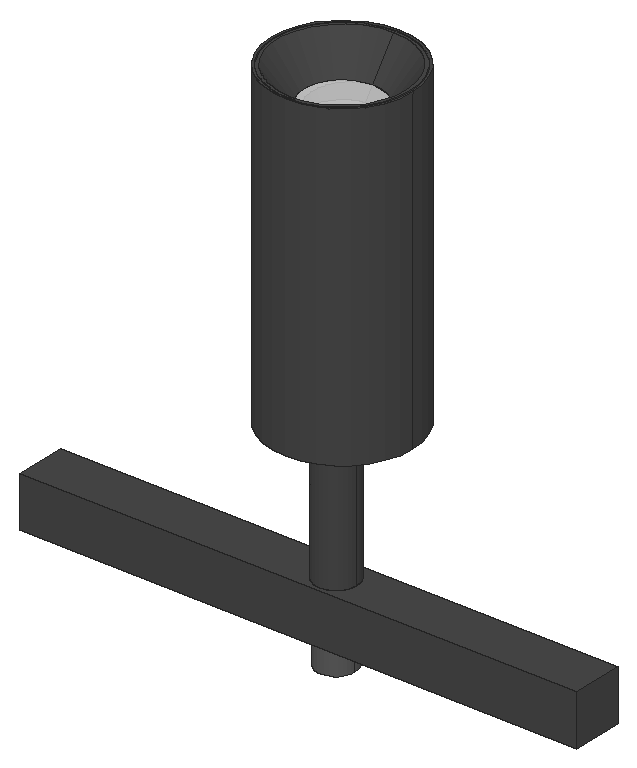
Revit family "Zaniboni-Gem-L4-1", category Lighting Fixtures, host Face, Revit 2016
Family settings
  Host = Face
  Part Type = Normal
  Round Connector Dimension = Use Diameter
  Cut with Voids When Loaded = No
  Light Source = Yes
  Shared = No
  Room Calculation Point = No
Parameters (values of type "K1-GEML4-0327A-2C-WS")
  Wattage Comments = "7W"
  Wattage = 9.2903 W
  built-in parameter 1150110 = 1 (stored number, unit not read)
  Voltage = 120 V
  URL = "www.zanibonilighting.com"
  Type Comments = "GEM"  # constant formula
  built-in parameter 1114217 = 1 (stored number, unit not read)
  Tilt Angle = 90.00°
  built-in parameter 1150109 = 1 (stored number, unit not read)
  built-in parameter 1150134 = 3
  built-in parameter 1150113 = 1 (stored number, unit not read)
  Support Finish = ZBN - Metal Matte Black
  Screen Finish = ZBN - Glass
  Photometric Web File = "generic"
  built-in parameter 1150142 = (empty or 0)
  Model = "K1-GEML4-0327A-2C-WS"
  Mechanism Finish = ZBN - Plastic-Black
  Manufacturer = "Zaniboni"  # constant formula
  built-in parameter 1150105 = 109.82 (stored number, unit not read)
  Lumens = 1380 lm
  built-in parameter 1150115 = 1 (stored number, unit not read)
  built-in parameter 1150137 = (empty or 0)
  built-in parameter 1150139 = (empty or 0)
  built-in parameter 1150112 = 1 (stored number, unit not read)
  built-in parameter 1150114 = 1 (stored number, unit not read)
  Keynote = "12500"
  Kelvin = "2700K"
  built-in parameter 1150132 = (empty or 0)
  built-in parameter 1150102 = (empty or 0)
  built-in parameter 1150107 = 3200 (stored number, unit not read)
  built-in parameter 1150138 = (empty or 0)
  built-in parameter 1150106 = 1.0982 (stored number, unit not read)
  Frame Finish = ZBN - Metal Matte Black
  Emit from Circle Diameter = 1 3/4"
  Emit Shape Visible in Rendering = no
  built-in parameter 1150104 = 13.8 (stored number, unit not read)
  Dist1 = 0"
  Dimming Lamp Color Temperature Shift = <None>
  Diameter = 1 3/4"
  Description = "1.75 inch Round Mini-Track"
  Default Elevation = 48"
  Color Filter = 16777215
  CRI = "80"
  Body Finish = ZBN - Metal Matte Black
  Beam = "24°"
  built-in parameter 1114218 = 1 (stored number, unit not read)
  built-in parameter 1150133 = 10 (stored number, unit not read)
  Assembly Code = "E1020300"
Types (2): name | Model | Dist1 | Description
  K1-GEML4-0327A-2C-WS-Adapter | "K1-GEML4-0327A-2C-WS-Adapter" | 1 21/64" | "1.75 inch Round W/Adapter"
  K1-GEML4-0327A-2C-WS | "K1-GEML4-0327A-2C-WS" | 0" | "1.75 inch Round Mini-Track"
Reference planes (in)
  plane 1 "Center (Front/Back)": y = 0
  plane 2: z = 0
  plane 3 "Center (Left/Right)": x = 0
  plane 4: z = 0.62992
  plane 5: z = 0.62992
Forms (in)
  Extrusion 1, solid, material "ZBN - Metal Matte Black" <- "Support Finish"
    sketch origin (0, 0, 0) x (0, 1, 0) y (0, 0, 1)
      loop
        line (0.3189, 0.62992) -> (-0.3189, 0.62992) -> (-0.3189, 0) -> (0.3189, 0) -> (0.3189, 0.62992)
    from -3.70079 to 3.26772
  Extrusion 2, solid, material "ZBN - Plastic-Black" <- "Mechanism Finish"
    sketch origin (0, 0, 0) x (1, 0, 0) y (0, 1, 0)
      loop
        circle (0, 0) r 0.2375
    from -0.35073 to 0
  Extrusion 3, solid, material "ZBN - Metal Matte Black" <- "Body Finish"
    sketch origin (0, 0, 0) x (1, 0, 0) y (0, 1, 0)
      loop
        circle (0, 0.09375) r 0.88458
      loop
        circle (0, 0.09375) r 0.85333
    from 2.33452 to 6.33452
  Extrusion 4, solid, material "ZBN - Metal Matte Black" <- "Support Finish"
    sketch origin (0, 0, 0) x (1, 0, 0) y (0, 1, 0)
      loop
        circle (0, 0) r 0.26018
    from 0.62992 to 2.04724
  Extrusion 5, void
    sketch origin (0, 0, 0) x (0, 1, 0) y (0, 0, 1)
      loop
        line (0.19973, 2.09642) -> (-0.19973, 2.09642) -> (-0.19973, 1.69291) -> (0.19973, 1.69291) -> (0.19973, 2.09642)
    from -1.7829 to 0.08858
  Extrusion 6, solid, material "ZBN - Metal Matte Black" <- "Frame Finish"
    sketch origin (0, 0, 0) x (1, 0, 0) y (0, 1, 0)
      loop
        line (-0.15999, 0.11811) -> (-0.15999, -0.11811) -> (0.13772, -0.11811) -> (0.13772, 0.11811) -> (-0.15999, 0.11811)
    from 1.69291 to 2.33452
  Revolve 7, solid, material "ZBN - Metal Matte Black" <- "Frame Finish"
    sketch origin (0, 0, 0) x (0, 1, 0) y (0, 0, 1)
      loop
        line (0.90572, 6.33452) -> (0.47024, 5.73514) -> (0.94453, 5.73514) -> (0.94453, 6.33452) -> (0.90572, 6.33452)
      axis (0.09375, 5.73514) -> (0.09375, 6.33452)
    angle from 0 to 360
  Extrusion 8, solid, material "ZBN - Glass" <- "Screen Finish"
    sketch origin (0, 0.09375, 0.15283) x (1, 0, 0) y (0, 1, 0)
      loop
        circle (0, 0.00781) r 0.47897
    from 5.69577 to 5.73514
  Extrusion 9, solid, material "ZBN - Metal Matte Black" <- "Support Finish"
    sketch origin (0, 0, 0) x (1, 0, 0) y (0, 1, 0)
      loop
        circle (0, 0) r 0.26018
    from 0.58656 to 0.62992
  Extrusion 10, void
    sketch origin (0, 0, 0) x (1, 0, 0) y (0, 1, 0)
      loop
        circle (0, 0) r 0.26018
    from -6.60439 to 0.04508
  Revolve 11, solid, material "ZBN - Plastic-Black" <- "Mechanism Finish"
    sketch origin (0, 0, 0) x (0, 1, 0) y (0, 0, 1)
      loop
        line (-0.42576, 5.888) -> (-0.16254, 5.41313) -> (0.10251, 5.41313) -> (0.10251, 5.45069) -> (-0.13397, 5.45069) -> (-0.37638, 5.888) -> (-0.42576, 5.888)
      axis (0.10251, 5.41313) -> (0.10251, 5.888)
    angle from 0 to 360
  Revolve 12, solid, material "ZBN - Plastic-Black" <- "Mechanism Finish"
    sketch origin (0, 0.07812, 0) x (1, 0, 0) y (0, 0, 1)
      loop
        line (0, 5.41264) -> (0, 3.28764) -> (0.54974, 3.28764)
        arc (0.54974, 3.28764) -> (0.69135, 3.3463) -> (0.75, 3.4879) r 0.20026
        line (0.75, 3.4879) -> (0.75, 5.41264) -> (0, 5.41264)
      axis (0, 5.41264) -> (0, 3.28764)
    angle from 0 to 360
  Extrusion 13, solid, material "ZBN - Metal Matte Black" <- "Body Finish"
    sketch origin (0, 0, 0) x (1, 0, 0) y (0, 1, 0)
      loop
        circle (0, 0.09375) r 0.85078
      loop
        circle (-0.09603, 0.59698) r 0.22234
      loop
        circle (-0.37079, -0.2329) r 0.22234
      loop
        circle (0.48127, -0.08724) r 0.22234
    from 2.33452 to 2.39237
Cuts and joins
  Extrusion 5 cuts Extrusion 4
Lines and regions (in)
  symbolic lines
    curve 1: arc (0.88458, 0.09375, 0) -> (0, 0.97833, 0) -> (-0.88458, 0.09375, 0) r 0.88458
    curve 2: arc (-0.88458, 0.09375, 0) -> (0, -0.79083, 0) -> (0.88458, 0.09375, 0) r 0.88458
    curve 3: arc (0.85333, 0.09375, 0) -> (0, -0.75958, 0) -> (-0.85333, 0.09375, 0) r 0.85333
    curve 4: arc (-0.85333, 0.09375, 0) -> (0, 0.94708, 0) -> (0.85333, 0.09375, 0) r 0.85333
Dimensions and locks (in)
  locked: plane 5 to plane 2 at 0.62992
  "Dist1": plane 4 to plane 5
  locked: Extrusion 1 to plane 2 at 0.62992
  locked: Extrusion 3 to Revolve 7 sketch curve at 0.59938
  locked: cut or joined group of Extrusion 4, Extrusion 5 to plane 4 at 1.41732
  cut or joined group of Extrusion 4, Extrusion 5 to cut or joined group of Extrusion 4, Extrusion 5 to plane 4 = 0.35433" locked, 1.06299" locked
  Extrusion 6 to Extrusion 6 to plane 4 = 0.6416" locked, 1.06299" locked
  locked: plane 5 to Extrusion 9 at 0.04336
  locked: Extrusion 3 to Revolve 7 sketch curve
  Extrusion 3 to Revolve 11 sketch curve to Revolve 11 sketch curve to Revolve 11 sketch curve = 0.44652" locked, 0.43731" locked, 0.03756" locked
  Extrusion 8 to Extrusion 8 to Revolve 11 = 0.03937" locked, 0.00003" locked
  locked: plane 4 to Extrusion 3 at 1.7046
  locked: Extrusion 3 to Extrusion 3 at 4
  locked: Extrusion 3 to Extrusion 13 at 0.05785
  Revolve 12 sketch curve to Revolve 12 sketch curve to Revolve 12 sketch curve to Extrusion 3 = 0.20026" locked, 1.92474" locked, 59/64" locked
  aligned and locked: plane 2 to host face
  aligned and locked: level to host face
  aligned and locked: level to Extrusion 2
  aligned and locked: Extrusion 4 to plane 4
  aligned and locked: plane 4 to Extrusion 9
  aligned and locked: imposter light to Revolve 11
  aligned and locked: Extrusion 13 sketch curve to Revolve 7  (x2)
  aligned and locked: Extrusion 3 to Extrusion 13
Automatic sketch dimensions
  host sketch curve to host sketch curve = 96"  (x2)
  Extrusion 1 sketch curve to level = 0"
  Extrusion 1 sketch curve to plane 5 = 0"
  plane 1 "Center (Front/Back)" to Extrusion 1 sketch curve = 0.3189"
  Extrusion 1 sketch curve to plane 1 "Center (Front/Back)" = 0.3189"
  plane 1 "Center (Front/Back)" to Extrusion 2 sketch curve = 0"
  plane 3 "Center (Left/Right)" to Extrusion 2 sketch curve = 0"
  plane 1 "Center (Front/Back)" to Extrusion 4 sketch curve = 0"
  Extrusion 4 sketch curve to plane 3 "Center (Left/Right)" = 0"
  plane 1 "Center (Front/Back)" to Extrusion 5 sketch curve = 0.19973"
  Extrusion 5 sketch curve to plane 1 "Center (Front/Back)" = 0.19973"
  plane 4 to Extrusion 5 sketch curve = 1.06299"
  Extrusion 5 sketch curve to Extrusion 5 sketch curve = 0.4035"
  Extrusion 6 sketch curve to plane 3 "Center (Left/Right)" = 0.15999"
  plane 3 "Center (Left/Right)" to Extrusion 6 sketch curve = 0.13772"
  plane 1 "Center (Front/Back)" to Extrusion 6 sketch curve = 0.11811"
  Extrusion 6 sketch curve to plane 1 "Center (Front/Back)" = 0.11811"
  plane 1 "Center (Front/Back)" to Extrusion 9 sketch curve = 0"
  Extrusion 9 sketch curve to plane 3 "Center (Left/Right)" = 0"
  plane 1 "Center (Front/Back)" to Extrusion 10 sketch curve = 0"
  Extrusion 10 sketch curve to plane 3 "Center (Left/Right)" = 0"
  Extrusion 3 sketch curve to plane 3 "Center (Left/Right)" = 0"
  Extrusion 3 sketch curve to Extrusion 3 sketch curve = 0"  (x3)
  Extrusion 3 sketch curve to plane 1 "Center (Front/Back)" = 3/32"
  Revolve 7 sketch curve to plane 1 "Center (Front/Back)" = 0.47024"
  Revolve 7 sketch curve to Revolve 7 sketch curve = 0.43547"
  Revolve 7 sketch curve to Revolve 7 sketch curve = 0.47429"
  Revolve 7 sketch curve to plane 1 "Center (Front/Back)" = 3/32"
  Revolve 7 sketch curve to Revolve 7 sketch curve = 0.63357"
  Revolve 7 sketch curve to Revolve 7 sketch curve = 0.26705"
  plane 1 "Center (Front/Back)" to Revolve 11 sketch curve = 109/256"
  Revolve 11 sketch curve to Revolve 11 sketch curve = 0.04938"
  plane 1 "Center (Front/Back)" to Revolve 11 sketch curve = 0.16254"
  Revolve 11 sketch curve to Revolve 11 sketch curve = 0.02857"
  Revolve 11 sketch curve to plane 1 "Center (Front/Back)" = 0.10251"
  Revolve 11 sketch curve to Revolve 11 sketch curve = 0"  (x2)
  Revolve 11 sketch curve to Revolve 11 sketch curve = 0.18864"
  Revolve 12 sketch curve to plane 3 "Center (Left/Right)" = 0"  (x2)
  plane 3 "Center (Left/Right)" to Revolve 12 sketch curve = 0.54974"
  Revolve 12 sketch curve to Revolve 12 sketch curve = 0.00363"
  Revolve 12 sketch curve to Revolve 12 sketch curve = 0.37863"
  Extrusion 8 sketch curve to plane 3 "Center (Left/Right)" = 0"
  Extrusion 8 sketch curve to plane 1 "Center (Front/Back)" = 13/128"
  Extrusion 13 sketch curve to plane 3 "Center (Left/Right)" = 0.09603"
  Extrusion 13 sketch curve to plane 3 "Center (Left/Right)" = 0.37079"
  plane 1 "Center (Front/Back)" to Extrusion 13 sketch curve = 0.08724"
  plane 3 "Center (Left/Right)" to Extrusion 13 sketch curve = 0.48127"
  plane 1 "Center (Front/Back)" to Extrusion 13 sketch curve = 0.2329"
  Extrusion 13 sketch curve to Extrusion 13 sketch curve = 0.34756"
  radius of Extrusion 2 sketch curve = 0.2375"
  radius of Extrusion 4 sketch curve = 0.26018"
  radius of Extrusion 9 sketch curve = 0.26018"
  radius of Extrusion 10 sketch curve = 0.26018"
  radius of Extrusion 3 sketch curve = 0.88458"
  radius of Extrusion 3 sketch curve = 0.85333"
  radius of Extrusion 8 sketch curve = 0.47897"
  radius of Extrusion 13 sketch curve = 0.22234"  (x3)
Connectors (in)
  electrical at (0, 0, -0.35073), driven by "Voltage"
    settings: on Extrusion 2, index 1, voltage 120 V, apparent load 0 VA, apparent load phase1 0 VA, apparent load phase2 0 VA, apparent load phase3 0 VA, power factor 1, load classification "Other", number of poles 1, system type 31, power factor state 1, is connector primary yes, connector utility no, sub classification motor no, connector description ""
